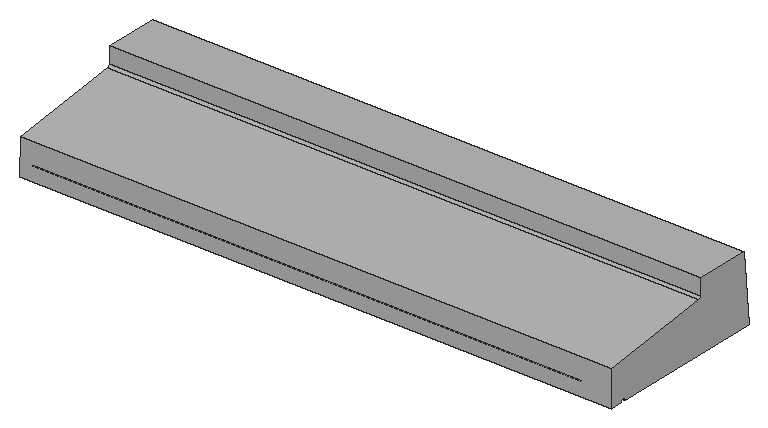
Revit family "E-Sill -S402", category Generic Models, Revit 2020
Family settings
  Can host rebar = No
  Round Connector Dimension = Use Diameter
  Part Type = Normal
  Work Plane-Based = No
  Always vertical = Yes
  Cut with Voids When Loaded = No
  Shared = No
  Room Calculation Point = No
Parameters
  Width of Seating = 20 mm
  Weight = "60Kg/m"
  Warranty Guarantor Parts = "n/a"
  Warranty Guarantor Labour = "n/a"
  Warranty Duration Unit = "n/a"
  Warranty Duration Parts = "n/a"
  Warranty Duration Labour = "n/a"
  Warranty Description = "n/a"
  URL = "www.killeshal.com"
  Types = "Single"
  Type Comments = "Visit our website for a full list of available products."
  Sustainability Performance = "n/a"
  Structural Class = "n/a"
  Span = "Ope Size + 205mm overhang."
  Slope = "0.00°"
  Size = "290mm x 115 to 60mm"
  Sill Width [instance] = 290 mm
  Sill Length [instance] = 1002 mm
  Sill Height [instance] = 115 mm
  Shape = "As per drawing"
  Service Life = "0.000000"
  Serial Number = "n/a"
  Resistance to Fire = "n/a"
  Replacement Cost = "n/a"
  Reference = "n/a"
  Notified Body = "n/a"
  Nominal Cover to Main Bar = "n/a"
  Model = "S/402 Sill"
  Mechanical Resistance = "n/a"
  Manufacturer = "Killeshal Precast Concrete Ltd."
  Load Bearing = no
  Life Cycle Environmental Load = "n/a"
  Length Options = "All sizes made to order."
  Keynote = "The information contained is the sole property of KPC Ltd., any reproduction in part or whole without permission of KPC Ltd. is prohibited."
  Front Face Dimension = 100 mm
  Environmental Product Declaration = "n/a"
  Environmental Class = "n/a"
  Durability against Corrosion = "n/a"
  Distance from Face to Seating = 205 mm
  Dimension Accuracy Class = "n/a"
  Detailing = "As per design specification and product drawings."
  Description = "Type E-Sill"
  Default Elevation = 0 mm
  Dangerous Substances = "n/a"
  Contact Tel = "0035357 9353018"
  Contact Email = "sales@killeshal.com"
  Construction Type = "Precast"
  Construction Tolerance Class = "n/a"
  Compressive Strength of Concrete = "n/a"
  Characteristics of Reinforcing Steel = "n/a"
  Characteristics Deflection Under Load = "n/a"
Reference planes
  plane 1 "Center (Front/Back)": y = 0
  plane 2: z = 0
  plane 3 "Center (Left/Right)": x = 0
  plane 4 "Rear": y = 145
  plane 5 "Front": y = -145
  plane 6 "Top": z = 115
  plane 7 "Center L/T": z = 60
  plane 8 "Center L/U": y = 44.5
  plane 9 "Center L/V": z = 88
  plane 10 "Center L/W": y = 135
Forms (mm)
  Extrusion 1, solid, material "Precast Concrete (KPC)"
    sketch origin (0, 0, 0) x (0, 1, 0) y (0, 0, 1)
      loop
        line (145, 0) -> (135, 115) -> (44.5, 115) -> (44.5, 88)
        arc (44.5, 88) -> (43.43, 85.277) -> (40.792, 84.011) r 4
        line (40.792, 84.011) -> (-145, 60) -> (-145, 0) -> (-125.5, 0)
        arc (-125.5, 0) -> (-120.5, 5) -> (-115.5, 0) r 5
        line (-115.5, 0) -> (145, 0)
    from 0 to 1002
Dimensions and locks
  "Sill Length": Extrusion 1 to Extrusion 1
  "Sill Width": plane 4 "Rear" to Extrusion 1
  plane 7 "Center L/T" to Extrusion 1 = 60 mm
  "Sill Height": plane 6 "Top" to level
  plane 8 "Center L/U" to plane 5 "Front" = 189.5 mm
  plane 10 "Center L/W" to Extrusion 1 = 90.5 mm
  plane 6 "Top" to plane 9 "Center L/V" = 27 mm
  aligned and locked: level to plane 2
Automatic sketch dimensions
  Extrusion 1 sketch curve to level = 0 mm
  Extrusion 1 sketch curve to plane 5 "Front" = 0 mm
  Extrusion 1 sketch curve to plane 9 "Center L/V" = 0 mm
  Extrusion 1 sketch curve to plane 8 "Center L/U" = 0 mm
  Extrusion 1 sketch curve to plane 6 "Top" = 0 mm
  Extrusion 1 sketch curve to plane 10 "Center L/W" = 0 mm
  Extrusion 1 sketch curve to plane 4 "Rear" = 0 mm
  Extrusion 1 sketch curve to plane 7 "Center L/T" = 0 mm
  plane 5 "Front" to Extrusion 1 sketch curve = 19.5 mm
  Extrusion 1 sketch curve to Extrusion 1 sketch curve = 5 mm
  Extrusion 1 sketch curve to Extrusion 1 sketch curve = 4 mm
  Extrusion 1 sketch curve to plane 8 "Center L/U" = 3.708 mm
